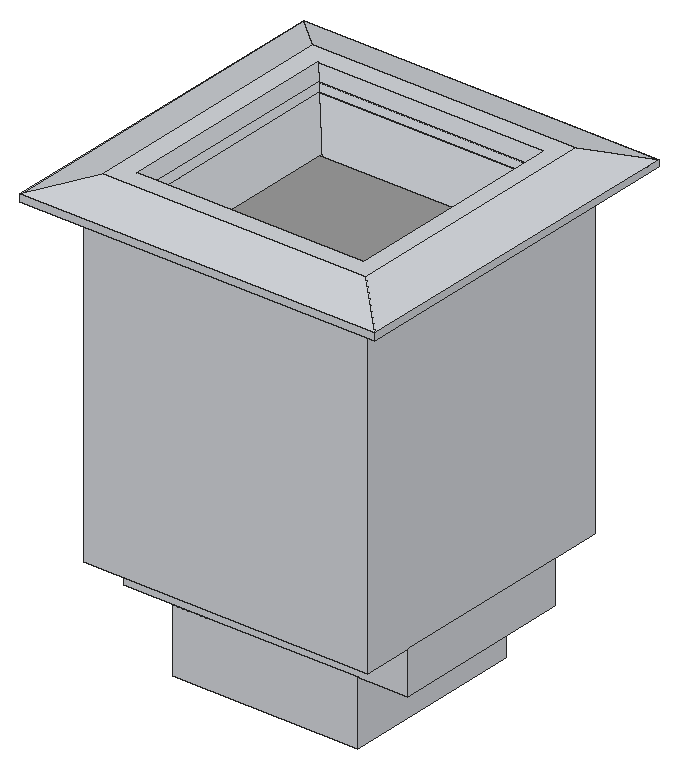
Revit family "2061056 Sylvania Lighting Fixture DOMINO 1xLED 930 WHITE MB TRIM WHITE", category Lighting Fixtures, host Face, Revit 2018
Family settings
  Host = Face
  Round Connector Dimension = Use Diameter
  Part Type = Normal
  OmniClass Number = 23.80.70.00
  OmniClass Title = Lighting
  Cut with Voids When Loaded = No
  Light Source = Yes
  Shared = No
  Room Calculation Point = No
Parameters (values of type "2061056 DOMINO 1XLED 930 WHITE MB TR WHT ")
  top top width = 15.812 mm
  top top length = 26 mm
  Width = 50 mm
  Weight = "n/a"
  Wattage Comments = ""
  Wattage = 9.2903 W
  WarrantyStartDate [instance] = "n/a"
  WarrantyGuarantorParts = "n/a"
  WarrantyDurationUnit = "n/a"
  WarrantyDurationParts = ""
  WarrantyDescription = "http://www.sylvania-lighting.com"
  built-in parameter 1150110 = 1 (stored number, unit not read)
  Voltage = 0 V
  URL = "0.6"
  TypeName = "DOMINO 1xLED 930 WHITE MB TRIM WHITE"
  Type Image = <None>
  Type Comments = "n/a"
  built-in parameter 1114217 = 1 (stored number, unit not read)
  Top Width = 26 mm
  Tilt Angle = 90.00°
  built-in parameter 1150109 = 1 (stored number, unit not read)
  built-in parameter 1150134 = 3
  built-in parameter 1150113 = 1 (stored number, unit not read)
  SerialNumber [instance] = "n/a"
  Recessed Width = 43 mm
  Recessed Length = 43 mm
  Photometric Web File = "2061056.ies"
  Material_3_FEILO = none
  PowerFactor = 0
  PowerConsumption = "Lighting"
  NominalLength = 50 mm
  NominalHeight = 0 mm
  NominalDepth = 0 mm
  Name = "DOMINO 1xLED 930 WHITE MB TRIM WHITE"
  ModelReference = Name  # "DOMINO 1xLED 930 WHITE MB TRIM WHITE"
  ModelNumber = "2061056"
  Model = Name  # "DOMINO 1xLED 930 WHITE MB TRIM WHITE"
  Material = "Feilo Sylvania"
  ManufacturerName = "48 lm/W"
  Manufacturer = ""
  LuminousEfficacy = ""
  built-in parameter 1150105 = 109.82 (stored number, unit not read)
  Lumens = 1380 lm
  LuminaireType = "0"
  built-in parameter 1150115 = 1 (stored number, unit not read)
  LightOutputRatio = "LED"
  built-in parameter 1150137 = (empty or 0)
  built-in parameter 1150139 = (empty or 0)
  Lens inside recess = 25 mm
  Lens Width = 32 mm
  Lens Outside recess = 31.978 mm
  Lens = Glass, White, High Luminance
  Length = 50 mm
  LampsType = Lamp  # "n/a"
  LampNominalLuminous = "3000 K"
  LampMacAdamStep = "90"
  LampColourTemperature = "LED"
  LampColourRenderingIndex = "16500"
  built-in parameter 1150112 = 1 (stored number, unit not read)
  built-in parameter 1150114 = 1 (stored number, unit not read)
  Lamp = "n/a"
  Keynote = "n/a"
  InstallationDate [instance] = "n/a"
  InputVoltage = "0"
  InputNominalFrequency = "3000"
  built-in parameter 1150132 = (empty or 0)
  built-in parameter 1150102 = (empty or 0)
  built-in parameter 1150107 = 3200 (stored number, unit not read)
  built-in parameter 1150138 = (empty or 0)
  IngressProtection = "IfcLightFixtureType"
  ImpactProtectionIndex = "IfcLightFixtureType"
  built-in parameter 1150106 = 1.0982 (stored number, unit not read)
  IfcExportType = "IfcLightFixtureType"
  IfcExportAs = "Class II"
  Facia internal width = 37 mm
  Facia internal length = 37 mm
  Facia Height = 2 mm
  ExpectedLife = 50000
  Emit from Circle Diameter = 609.6 mm
  Emit Shape Visible in Rendering = no
  ElectricShockClassification = "48"
  built-in parameter 1150104 = 13.8 (stored number, unit not read)
  DurationUnit = "hours"
  DocumentationLiterature = "http://www.sylvania-lighting.com/product/en-int/products/2061056"
  DimmingControlOptions = "n/a"
  Material_2_FEILO = none
  Dimming Lamp Color Temperature Shift = <None>
  Description = "Modular LED recessed linear spotlight, ideal for retail and hospitality applications. Die-cast aluminium body, passive cooling. Two levels of reflector installation, low glaring UGR<19. 1x LED source, 30° beam angle , optics: PMMA lens and polycarbonate reflector combination, White matt reflector finish. Light color temperature: 3000K warm white, total system power: 4W , total fixture lumen output: 190lm, efficacy: 48 lm/W, Ra90 typical, LED chromacity: 3 step MacAdam ellipse (SDCM3), lifespan: 96,000 hours at 90% of the original output (L90B10), IR/UV free light source without heat radiation, operating voltage: 220-240V / 50-60Hz, electronic driver, ultra low flicker, non-dimmable , electrical protection: Class II. Degree of Protection: IP40/IP20, suitable for indoor environment only. Ceiling cut-out: 43x43mm, outer dimensions:  50x50mm trim frame RAL 9016 - Traffic white / Bezel color.5 years Warranty."
  Default Elevation = 1219.2 mm
  CreatedOn = "14/04/2021"
  CreatedBy = "@sylvania-lighting.com"
  Cost = 0
  Color Filter = 16777215
  built-in parameter 1114216 [instance] = (empty or 0)
  ClassificationValue = "EF_70_80"
  ClassificationName = "Uniclass2015"
  Material_1_FEILO = none
  Body Width = 40 mm
  Body Length = 40 mm
  BarCode [instance] = "n/a"
  built-in parameter 1114218 = 1 (stored number, unit not read)
  built-in parameter 1150133 = 10 (stored number, unit not read)
  AssetType = "Fixed"
  AssetIdentifier [instance] = "n/a"
  Assembly Code = "D5020200"
  Apparent Load = 4 VA
  Material_4_FEILO = none
Reference planes
  plane 1 "Center (Front/Back)": y = 0
  plane 2: z = 0
  plane 3 "Center (Left/Right)": x = 0
  plane 4: z = 0
  plane 5: z = -7
  plane 6: z = -45.895
  plane 7: z = -51.895
  plane 8: z = -60.895
  plane 9: x = -21.5
  plane 10: x = 21.5
  plane 11: y = 21.5
  plane 12: y = -21.5
  plane 13: x = -25
  plane 14: x = 25
  plane 15: y = 25
  plane 16: y = -25
  plane 17: x = 18.5
  plane 18: x = -18.5
  plane 19: y = 18.5
  plane 20: y = -18.5
  plane 21: z = 2
  plane 22: x = -20
  plane 23: x = 20
  plane 24: y = 20
  plane 25: y = -20
  plane 26: y = 13
  plane 27: y = -13
  plane 28: y = 16
  plane 29: y = -16
  plane 30: x = 13
  plane 31: x = -13
  plane 32: x = -15.772
  plane 33: x = 16.206
  plane 34: y = 12.5
  plane 35: y = -12.5
  plane 36: x = -12.5
  plane 37: x = 12.5
Forms (mm)
  Extrusion 1, solid, not visible, detail levels medium+fine
    sketch origin (4.2, 0, 0) x (1, 0, 0) y (0, 1, 0)
      loop
        line (-29.2, 34.5) -> (-29.2, -34.5) -> (20.8, -34.5) -> (20.8, 34.5) -> (-29.2, 34.5)
    from 0 to 1
  Extrusion 2, solid, not visible, detail levels medium+fine
    sketch origin (4.044, 0, 0) x (1, 0, 0) y (0, 1, 0)
      loop
        line (-29.2, 34.5) -> (-29.2, -34.5) -> (20.8, -34.5) -> (20.8, 34.5) -> (-29.2, 34.5)
    from 0 to 1
  Blend 3, solid, not visible, detail levels medium+fine
    base sketch origin (4.2, 0, 0) x (1, 0, 0) y (0, 1, 0)
      loop
        line (-29.2, 34.5) -> (-29.2, -34.5) -> (20.8, -34.5) -> (20.8, 34.5) -> (-29.2, 34.5)
    top sketch origin (4.2, 0, 0) x (1, 0, 0) y (0, 1, 0)
      loop
        line (-21.7, 28) -> (-21.7, -28) -> (13.3, -28) -> (13.3, 28) -> (-21.7, 28)
    from 1 to 3
  Extrusion 4, solid, not visible, detail levels medium+fine
    sketch origin (3.419, 0, 0) x (1, 0, 0) y (0, 1, 0)
      loop
        line (-29.2, 34.5) -> (-29.2, -34.5) -> (20.8, -34.5) -> (20.8, 34.5) -> (-29.2, 34.5)
    from 0 to 1
  Blend 5, solid, not visible, detail levels medium+fine
    base sketch origin (3.575, 0, 0) x (1, 0, 0) y (0, 1, 0)
      loop
        line (-29.2, 34.5) -> (-29.2, -34.5) -> (20.8, -34.5) -> (20.8, 34.5) -> (-29.2, 34.5)
    top sketch origin (3.575, 0, 0) x (1, 0, 0) y (0, 1, 0)
      loop
        line (-21.7, 28) -> (-21.7, -28) -> (13.3, -28) -> (13.3, 28) -> (-21.7, 28)
    from 1 to 3
  Extrusion 6, solid, not visible, detail levels medium+fine
    sketch origin (4.247, 0, 0) x (1, 0, 0) y (0, 1, 0)
      loop
        line (-29.2, 34.5) -> (-29.2, -34.5) -> (20.8, -34.5) -> (20.8, 34.5) -> (-29.2, 34.5)
    from 0 to 1
  Blend 7, solid, not visible, detail levels medium+fine
    base sketch origin (4.403, 0, 0) x (1, 0, 0) y (0, 1, 0)
      loop
        line (-29.2, 34.5) -> (-29.2, -34.5) -> (20.8, -34.5) -> (20.8, 34.5) -> (-29.2, 34.5)
    top sketch origin (4.403, 0, 0) x (1, 0, 0) y (0, 1, 0)
      loop
        line (-21.7, 28) -> (-21.7, -28) -> (13.3, -28) -> (13.3, 28) -> (-21.7, 28)
    from 1 to 3
  Extrusion 8, void, detail levels medium+fine
    sketch origin (4.2, 0, 0) x (0, 1, 0) y (1, 0, 0)
      loop
        line (21.5, -25.7) -> (21.5, 17.3) -> (-21.5, 17.3) -> (-21.5, -25.7) -> (21.5, -25.7)
    from -9.934 to 83.097
  Extrusion 9, solid, detail levels medium+fine
    sketch origin (4.2, 0, 0) x (1, 0, 0) y (0, 1, 0)
      loop
        line (-29.2, 25) -> (-29.2, -25) -> (20.8, -25) -> (20.8, 25) -> (-29.2, 25)
    from 0 to 1
  Extrusion 10, solid, detail levels medium+fine
    sketch origin (4.2, 0, 0) x (1, 0, 0) y (0, 1, 0)
      loop
        line (-24.2, 20) -> (-24.2, -20) -> (15.8, -20) -> (15.8, 20) -> (-24.2, 20)
    from 0 to -45.895
  Extrusion 11, solid, detail levels medium+fine
    sketch origin (4.2, 0, 0) x (1, 0, 0) y (0, 1, 0)
      loop
        line (-24.2, 13) -> (-24.2, -13) -> (15.8, -13) -> (15.8, 13) -> (-24.2, 13)
    from -51.895 to -45.895
  Extrusion 12, solid, material "Glass, White, High Luminance" <- "Lens", detail levels fine
    sketch origin (13.547, 1218.849, 36.156) x (1, 0, 0) y (0, 1, 0)
      loop
        line (-26.047, -1206.7) -> (-26.047, -1231.7) -> (-1.047, -1231.7) -> (-1.047, -1206.7) -> (-26.047, -1206.7)
    from -43.156 to -42.182
  Blend 13, solid, detail levels medium+fine
    base sketch origin (4.2, 0, 0) x (1, 0, 0) y (0, 1, 0)
      loop
        line (-29.2, 25) -> (-29.2, -25) -> (20.8, -25) -> (20.8, 25) -> (-29.2, 25)
    top sketch origin (4.2, 0, 0) x (1, 0, 0) y (0, 1, 0)
      loop
        line (-22.7, 18.5) -> (-22.7, -18.5) -> (14.3, -18.5) -> (14.3, 18.5) -> (-22.7, 18.5)
    from 1 to 3
  Extrusion 14, solid, detail levels fine
    sketch origin (0, 0, 0) x (1, 0, 0) y (0, 0, 1)
      loop
        line (-13, -51.895) -> (-13, -60.895) -> (13, -60.895) -> (13, -51.895) -> (-13, -51.895)
    from -13 to 13
  Blend 15, void, detail levels medium+fine
    base sketch origin (4.2, 0, 0) x (0, 1, 0) y (-1, 0, 0)
      loop
        line (16, 19.972) -> (-16, 19.972) -> (-16, -12.006) -> (16, -12.006) -> (16, 19.972)
    top sketch origin (4.2, 0, 0) x (0, 1, 0) y (-1, 0, 0)
      loop
        line (12.5, 16.7) -> (-12.5, 16.7) -> (-12.5, -8.3) -> (12.5, -8.3) -> (12.5, 16.7)
    from 3 to -7
  Extrusion 16, solid, detail levels coarse
    sketch origin (4.2, 0, 0) x (1, 0, 0) y (0, 1, 0)
      loop
        line (-29.2, 25) -> (-29.2, -25) -> (20.8, -25) -> (20.8, 25) -> (-29.2, 25)
    from 3 to -60.895
Cuts and joins
  Blend 15 cuts Extrusion 9
  Blend 15 cuts Extrusion 10
  Blend 15 cuts Blend 13
Dimensions and locks
  "Recessed Length": plane 9 to plane 10
  equal spacing: plane 9, plane 3 "Center (Left/Right)", plane 10
  "Length": plane 13 to plane 14
  equal spacing: plane 13, plane 3 "Center (Left/Right)", plane 14
  "Recessed Width": plane 11 to plane 12
  equal spacing: plane 11, plane 1 "Center (Front/Back)", plane 12
  "Width": plane 15 to plane 16
  equal spacing: plane 15, plane 1 "Center (Front/Back)", plane 16
  "Facia internal length": plane 18 to plane 17
  equal spacing: plane 18, plane 3 "Center (Left/Right)", plane 17
  "Facia internal width": plane 19 to plane 20
  equal spacing: plane 19, plane 1 "Center (Front/Back)", plane 20
  "Facia Height": plane 21 to host face
  "Body Length": plane 22 to plane 23
  equal spacing: plane 22, plane 3 "Center (Left/Right)", plane 23
  "Body Width": plane 24 to plane 25
  equal spacing: plane 24, plane 1 "Center (Front/Back)", plane 25
  "Top Width": plane 26 to plane 27
  equal spacing: plane 26, plane 1 "Center (Front/Back)", plane 27
  "Lens Width": plane 28 to plane 29
  equal spacing: plane 28, plane 1 "Center (Front/Back)", plane 29
  "top top length": plane 31 to plane 30
  equal spacing: plane 31, plane 3 "Center (Left/Right)", plane 30  (x2)
  plane 30 to plane 31 = 26 mm
  equal spacing: plane 30, plane 3 "Center (Left/Right)", plane 31
  "Lens Outside recess": plane 32 to plane 33
  "Lens inside recess": plane 34 to plane 35
  equal spacing: plane 34, plane 1 "Center (Front/Back)", plane 35
  aligned and locked: plane 2 to host face
  aligned and locked: level to host face
  aligned and locked: Extrusion 11 to plane 7
  aligned and locked: Extrusion 10 to plane 6
  aligned and locked: cut or joined group of Blend 13, Blend 15 to Blend 15
Automatic sketch dimensions
  host sketch curve to host sketch curve = 2438.4 mm  (x2)
  Extrusion 1 sketch curve to Extrusion 1 sketch curve = 50 mm
  Extrusion 1 sketch curve to Extrusion 1 sketch curve = 69 mm
  Extrusion 2 sketch curve to Extrusion 2 sketch curve = 50 mm
  Extrusion 2 sketch curve to Extrusion 2 sketch curve = 69 mm
  Blend 3 sketch curve to Blend 3 sketch curve = 50 mm
  Blend 3 sketch curve to Blend 3 sketch curve = 69 mm
  Blend 3 sketch curve to Blend 3 sketch curve = 35 mm
  Blend 3 sketch curve to Blend 3 sketch curve = 56 mm
  Extrusion 4 sketch curve to Extrusion 4 sketch curve = 50 mm
  Extrusion 4 sketch curve to Extrusion 4 sketch curve = 69 mm
  Blend 5 sketch curve to Blend 5 sketch curve = 50 mm
  Blend 5 sketch curve to Blend 5 sketch curve = 69 mm
  Blend 5 sketch curve to Blend 5 sketch curve = 35 mm
  Blend 5 sketch curve to Blend 5 sketch curve = 56 mm
  Extrusion 6 sketch curve to Extrusion 6 sketch curve = 50 mm
  Extrusion 6 sketch curve to Extrusion 6 sketch curve = 69 mm
  Blend 7 sketch curve to Blend 7 sketch curve = 50 mm
  Blend 7 sketch curve to Blend 7 sketch curve = 69 mm
  Blend 7 sketch curve to Blend 7 sketch curve = 35 mm
  Blend 7 sketch curve to Blend 7 sketch curve = 56 mm
  plane 9 to Extrusion 8 sketch curve = 0 mm
  Extrusion 8 sketch curve to plane 12 = 0 mm
  Extrusion 8 sketch curve to plane 11 = 0 mm
  Extrusion 8 sketch curve to plane 10 = 0 mm
  plane 13 to Extrusion 9 sketch curve = 0 mm
  plane 14 to Extrusion 9 sketch curve = 0 mm
  Extrusion 9 sketch curve to plane 16 = 0 mm
  Extrusion 9 sketch curve to plane 15 = 0 mm
  Extrusion 10 sketch curve to plane 22 = 0 mm
  Extrusion 10 sketch curve to plane 23 = 0 mm
  Extrusion 10 sketch curve to plane 25 = 0 mm
  Extrusion 10 sketch curve to plane 24 = 0 mm
  Extrusion 11 sketch curve to plane 22 = 0 mm
  Extrusion 11 sketch curve to plane 23 = 0 mm
  Extrusion 11 sketch curve to plane 27 = 0 mm
  Extrusion 11 sketch curve to plane 26 = 0 mm
  Extrusion 12 sketch curve to plane 11 = 9.351 mm
  plane 1 "Center (Front/Back)" to Extrusion 12 sketch curve = 12.851 mm
  plane 18 to Extrusion 12 sketch curve = 6 mm
  Blend 13 sketch curve to plane 13 = 0 mm
  Blend 13 sketch curve to plane 14 = 0 mm
  Blend 13 sketch curve to plane 16 = 0 mm
  Blend 13 sketch curve to plane 15 = 0 mm
  Blend 13 sketch curve to plane 18 = 0 mm
  Blend 13 sketch curve to plane 17 = 0 mm
  Blend 13 sketch curve to plane 20 = 0 mm
  Blend 13 sketch curve to plane 19 = 0 mm
  Extrusion 12 sketch curve to Extrusion 12 sketch curve = 25 mm
  Extrusion 14 sketch curve to plane 8 = 0 mm
  Extrusion 14 sketch curve to plane 31 = 0 mm
  Extrusion 14 sketch curve to plane 30 = 0 mm
  Extrusion 14 sketch curve to plane 7 = 0 mm
  Blend 15 sketch curve to plane 29 = 0 mm
  Blend 15 sketch curve to plane 28 = 0 mm
  Blend 15 sketch curve to plane 33 = 0 mm
  Blend 15 sketch curve to plane 32 = 0 mm
  Blend 15 sketch curve to plane 35 = 0 mm
  Blend 15 sketch curve to plane 34 = 0 mm
  Blend 15 sketch curve to plane 37 = 0 mm
  Blend 15 sketch curve to plane 36 = 0 mm
  Extrusion 16 sketch curve to plane 13 = 0 mm
  Extrusion 16 sketch curve to plane 14 = 0 mm
  Extrusion 16 sketch curve to plane 16 = 0 mm
  Extrusion 16 sketch curve to plane 15 = 0 mm
Connectors
  electrical at (0, 0, -60.895)
    settings: on Extrusion 14, index 1, voltage 0 V, apparent load 0 VA, apparent load phase1 0 VA, apparent load phase2 0 VA, apparent load phase3 0 VA, power factor 1, load classification "Other", number of poles 1, system type 31, power factor state 1, is connector primary yes, connector utility no, sub classification motor no, connector description ""
